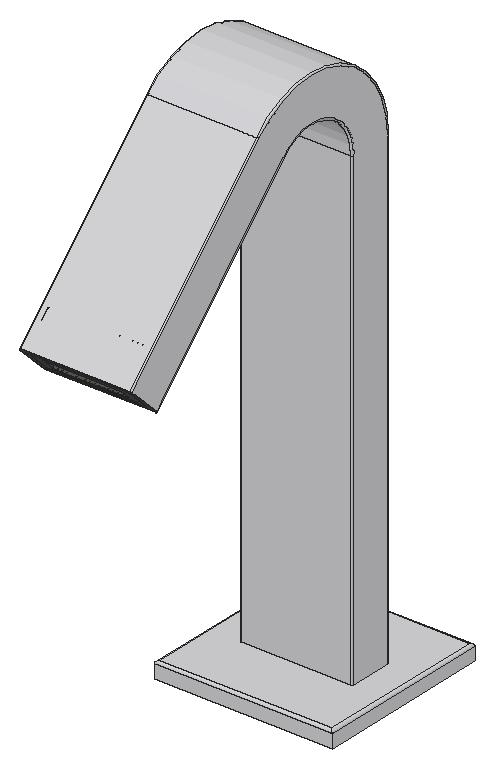
Revit family "Faucet_Touchless-Lavatory-KOHLER-Loure-K-103L76_1", category Plumbing Fixtures, host Face, Revit 2017
Family settings
  Host = Face
  Round Connector Dimension = Use Diameter
  Part Type = Normal
  OmniClass Number = 23.31.11.00
  Cut with Voids When Loaded = No
  Shared = No
  Room Calculation Point = No
Parameters (values of type "CP-Polished Chrome")
  Width = 2 7/16"  # constant formula
  WaterSense Certified = 1 = 0  # no
  Waste Water Outlet = "Waste Water Outlet"  # constant formula
  Waste Connection = 1 = 0  # no
  Voltage = 120 V  # constant formula
  Vent Connection = 1 = 0  # no
  URL = "https://www.us.kohler.com/us/"
  Tempered Water Inlet = "Tempered Water Inlet"  # constant formula
  Spout Reach = 3 7/8"  # constant formula
  Product Page URL = "http://www.us.kohler.com/us/catalog/productDetails.jsp?productNumber=103L76-SANL"
  Product Name = "Loure"  # constant formula
  Product Documentation Link = "https://www.us.kohler.com/webassets/kpna/catalog/pdf/en/K-103L76-SANL_spec.pdf"
  Pressure = 60.00 psi  # constant formula
  Model = "K-103L76-SANL-CP"  # constant formula
  Material = "Brass Construction"  # constant formula
  MasterFormat 2004 = "22.41.39"  # constant formula
  MasterFormat 1995 = "15410"  # constant formula
  Manufacturer Address = "444 Highland Dr, Kohler, WI 53044"  # constant formula
  Manufacturer = "KOHLER Co."  # constant formula
  Length = Spout Reach  # 3 7/8"
  Hot Water Inlet = "Hot Water Inlet"  # constant formula
  Height = 8 1/16"  # constant formula
  HW Connection = 1 = 1  # yes
  Flow Rate = 0.5 GPM  # constant formula
  Finish = Kohler-Metal-CP-Polished_Chrome
  Environmental Product Declaration = ""
  Electrical Note = "One dedicated circuit required, protected with Class A Ground-Fault Circuit-Interrupter (GFCI) or Outside North America, this device may be known as a Residual Current Device (RCD)"  # constant formula
  Electrical Connector = 1 = 1  # yes
  Drain Included = 1 = 1  # yes
  Description = "Touchless faucet with Kinesis sensor technology, AC-powered"  # constant formula
  Default Elevation = 36"
  Declare Label = ""
  Date Modified = "01/03/2020"  # constant formula
  Date Created = "01/03/2020"  # constant formula
  Copyright = "Copyright KOHLER Co."  # constant formula
  Contact Us = "https://www.us.kohler.com/us/static/contact.jsp"
  Cold Water Inlet = "Cold Water Inlet"  # constant formula
  CW Connection = 1 = 0  # no
  Assembly Code = "D2010"
  Apparent Load = 15 A * Voltage  # 1800 VA
  ADA Compliant = 1 = 1  # yes
Reference planes (in)
  plane 1 "Center (Front/Back)": y = 0
  plane 2: z = 0
  plane 3 "Center (Left/Right)": x = 0
  plane 4: y = -3.875
  plane 5: z = 5.25
  plane 6: y = -1.21875
  plane 7: y = 1.21875
  plane 8: z = 8.0625
  plane 9: x = -1.21875
  plane 10: x = 1.21875
  plane 11: y = -4.12411
  plane 12: z = 0.21654
  plane 13: x = -0.78455
  plane 14: x = 0.78455
  plane 15: y = 0.97008
Dimensions and locks (in)
  "Width": plane 9 to plane 10
  "Length": plane 4 to plane 1 "Center (Front/Back)"
  "Height": plane 8 to plane 2
  locked: plane 5 to plane 2 at 5.25
  "Spout Reach": plane 1 "Center (Front/Back)" to plane 4
  locked: plane 7 to plane 6 at 2.4375
  aligned and locked: plane 2 to host face
  aligned and locked: level to host face
Automatic sketch dimensions
  host sketch curve to host sketch curve = 96"  (x2)
Nested families (in)
  nested 1: "K-103L76" at (0, 0, 0), type "K-103L76"
Connectors (in)
  electrical at (0, 0.97008, 0.00488), driven by "Voltage", driven by "Apparent Load", driven by "Electrical Connector", driven by "Electrical Note"
    settings: on nested 1, index 4, voltage 120 V, apparent load 1800 VA, apparent load phase1 0 VA, apparent load phase2 0 VA, apparent load phase3 0 VA, power factor 1, load classification "Power", number of poles 1, system type 30, power factor state 1, is connector primary yes, connector utility yes, sub classification motor no, connector description "One dedicated circuit required, protected with Class A Ground-Fault Circuit-Interrupter (GFCI) or Outside North America, this device may be known as a Residual Current Device (RCD)"
  piping at (0, 0, 0.01614), diameter 0.375, driven by "Flow Rate", driven by "Pressure", driven by "HW Connection", driven by "Tempered Water Inlet"
    settings: on nested 1, index 5, connector inside diameter 24", connector length 0", flow factor 0, pipe flow 0.5 GPM, pressure drop 60.00 psi, fitting loss kfactor 0, connector angle 0.00°, fixture units 0, engagement length 0", angle of deflection 0.00°, flow configuration 1, flow direction 1, fitting loss method 4, system type 19, joint type 0, gender type 0, connector reference index -1, connector utility 1, adjustable connector no, is connector primary yes, connector description "Tempered Water Inlet"
Definition of nested family "K-103L76"
  Parameters (values of type "K-103L76")
    Material = none
  Reference planes (in)
    plane 1 "Center (Front/Back)": y = 0
    plane 2: z = 0
    plane 3 "Center (Left/Right)": x = 0
    plane 4: x = -1.21875
    plane 5: x = 1.21875
    plane 6: y = 1.21875
    plane 7: y = -1.21875
    plane 8: z = 8.0625
    plane 9: y = -3.875
    plane 10: z = 5.25
    plane 11: z = 0.21654
    plane 12: y = 0.97008
    plane 13: x = -0.78455
    plane 14: x = 0.78455
  Forms (in)
    Sweep 1, solid, material <- "Material", detail levels medium+fine
      path origin (0, 0, 0) x (0, 1, 0) y (0, 0, 1)
        loop
          line (-0.31496, 0.21654) -> (-0.31496, 6.71535)
          arc (-0.31496, 6.71535) -> (-0.73669, 7.34651) -> (-1.4812, 7.19842) r 0.68317
          line (-1.4812, 7.19842) -> (-3.65231, 5.02731)
      profile origin (0, -0.31496, 3.46594) x (0, -1, 0) y (1, 0, 0)
        loop
          arc (-0.62992, -0.74622) -> (-0.62363, -0.76142) -> (-0.60843, -0.76772) r 0.02149
          line (-0.60843, -0.76772) -> (-0.02015, -0.76772)
          arc (-0.02015, -0.76772) -> (-0.0059, -0.76181) -> (0, -0.74757) r 0.02015
          line (0, -0.74757) -> (0, 0.74612)
          arc (0, 0.74612) -> (-0.00633, 0.76139) -> (-0.0216, 0.76772) r 0.0216
          line (-0.0216, 0.76772) -> (-0.60921, 0.76772)
          arc (-0.60921, 0.76772) -> (-0.62386, 0.76165) -> (-0.62992, 0.74701) r 0.02071
          line (-0.62992, 0.74701) -> (-0.62992, -0.74622)
    Sweep 2, solid, material <- "Material", detail levels medium+fine
      path origin (0, 0, 0) x (1, 0, 0) y (0, 1, 0)
        loop
          line (1.21875, 1.21875) -> (-1.21875, 1.21875) -> (-1.21875, -1.21875) -> (1.21875, -1.21875) -> (1.21875, 1.21875)
      profile origin (0, 1.21875, 0) x (0, -1, 0) y (0, 0, 1)
        loop
          line (0, 0) -> (0.0689, 0) -> (0.0689, 0.21654) -> (0.03761, 0.21654)
          arc (0.03761, 0.21654) -> (0.01102, 0.20552) -> (0, 0.17892) r 0.03761
          line (0, 0.17892) -> (0, 0)
    Extrusion 3, solid, material <- "Material", detail levels medium+fine
      sketch origin (0, 0, 0) x (1, 0, 0) y (0, 1, 0)
        loop
          line (1.14985, 1.14985) -> (-1.14985, 1.14985) -> (-1.14985, -1.14985) -> (1.14985, -1.14985) -> (1.14985, 1.14985)
      from 0 to 0.21654
    Extrusion 4, solid, material <- "Material", detail levels coarse
      sketch origin (0, 0, 0) x (1, 0, 0) y (0, 1, 0)
        loop
          line (-1.21926, 1.21926) -> (-1.21926, -1.21875) -> (1.21875, -1.21875) -> (1.21875, 1.21926) -> (-1.21926, 1.21926)
      from 0 to 0.21654
    Sweep 5, solid, material <- "Material", detail levels coarse
      path origin (0, 0, 0) x (0, 1, 0) y (0, 0, 1)
        loop
          line (-0.31496, 0.21654) -> (-0.31496, 6.71739)
          arc (-0.31496, 6.71739) -> (-0.73617, 7.34777) -> (-1.47976, 7.19986) r 0.68232
          line (-1.47976, 7.19986) -> (-3.65231, 5.02731)
      profile origin (0, -0.31496, 3.46696) x (0, -1, 0) y (1, 0, 0)
        loop
          line (-0.62992, -0.76772) -> (0, -0.76772) -> (0, 0.76772) -> (-0.62992, 0.76772) -> (-0.62992, -0.76772)
    Extrusion 6, void
      sketch origin (0, -3.65231, 5.02731) x (1, 0, 0) y (0, -0.707107, 0.707107)
        loop
          line (-0.7093, 0.56109) -> (-0.7093, 0.10774)
          arc (-0.7093, 0.10774) -> (-0.69786, 0.08012) -> (-0.67024, 0.06868) r 0.03906
          line (-0.67024, 0.06868) -> (0.66896, 0.06868)
          arc (0.66896, 0.06868) -> (0.69658, 0.08012) -> (0.70802, 0.10774) r 0.03906
          line (0.70802, 0.10774) -> (0.70802, 0.56238)
          arc (0.70802, 0.56238) -> (0.69695, 0.58911) -> (0.67022, 0.60018) r 0.0378
          line (0.67022, 0.60018) -> (-0.67022, 0.60018)
          arc (-0.67022, 0.60018) -> (-0.69786, 0.58873) -> (-0.7093, 0.56109) r 0.03909
        loop
          line (-0.65527, 0.08821) -> (0.65333, 0.08821)
          arc (0.65333, 0.08821) -> (0.67819, 0.09851) -> (0.68849, 0.12337) r 0.03516
          line (0.68849, 0.12337) -> (0.68849, 0.54549)
          arc (0.68849, 0.54549) -> (0.67819, 0.57035) -> (0.65333, 0.58065) r 0.03516
          line (0.65333, 0.58065) -> (-0.65462, 0.58065)
          arc (-0.65462, 0.58065) -> (-0.67948, 0.57035) -> (-0.68977, 0.54549) r 0.03516
          line (-0.68977, 0.54549) -> (-0.68977, 0.12271)
          arc (-0.68977, 0.12271) -> (-0.67967, 0.09832) -> (-0.65527, 0.08821) r 0.0345
      from -0.53024 to 0.29395
    Extrusion 7, void
      sketch origin (0, -3.65231, 5.02731) x (1, 0, 0) y (0, -0.707107, 0.707107)
        loop
          line (0.49855, 0.48599) -> (-0.49776, 0.48599)
          arc (-0.49776, 0.48599) -> (-0.52815, 0.47341) -> (-0.54073, 0.44302) r 0.04297
          line (-0.54073, 0.44302) -> (-0.54073, 0.23738)
          arc (-0.54073, 0.23738) -> (-0.52868, 0.20828) -> (-0.49958, 0.19623) r 0.04115
          line (-0.49958, 0.19623) -> (0.49727, 0.19623)
          arc (0.49727, 0.19623) -> (0.52766, 0.20882) -> (0.54024, 0.2392) r 0.04297
          line (0.54024, 0.2392) -> (0.54024, 0.4443)
          arc (0.54024, 0.4443) -> (0.52803, 0.47378) -> (0.49855, 0.48599) r 0.04169
      from -0.28179 to 0.31642
    Extrusion 8, solid, detail levels medium+fine
      sketch origin (0, -3.65231, 5.02731) x (1, 0, 0) y (0, -0.707107, 0.707107)
        loop
          circle (-0.55933, 0.17655) r 0.0149
        loop
          circle (-0.49501, 0.17655) r 0.01563
        loop
          circle (-0.43305, 0.17639) r 0.0149
        loop
          circle (-0.36873, 0.17639) r 0.01563
        loop
          circle (-0.30628, 0.17554) r 0.0149
        loop
          circle (-0.24195, 0.17652) r 0.01563
        loop
          circle (-0.17999, 0.17636) r 0.0149
        loop
          circle (-0.11567, 0.17661) r 0.01563
        loop
          circle (-0.05255, 0.17651) r 0.0149
        loop
          circle (0.01177, 0.17651) r 0.01563
        loop
          circle (0.07373, 0.17636) r 0.0149
        loop
          circle (0.13805, 0.1766) r 0.01563
        loop
          circle (0.20051, 0.17648) r 0.0149
        loop
          circle (0.26092, 0.17648) r 0.01563
        loop
          circle (0.32288, 0.17657) r 0.0149
        loop
          circle (0.3872, 0.17657) r 0.01563
        loop
          circle (0.44989, 0.1766) r 0.01563
        loop
          circle (0.51185, 0.17633) r 0.0149
        loop
          circle (0.57617, 0.17657) r 0.01563
        loop
          circle (-0.58623, 0.11887) r 0.0149
        loop
          circle (-0.5219, 0.11887) r 0.01563
        loop
          circle (-0.45995, 0.11872) r 0.0149
        loop
          circle (-0.39562, 0.11872) r 0.01563
        loop
          circle (-0.33317, 0.11787) r 0.0149
        loop
          circle (-0.26885, 0.11884) r 0.01563
        loop
          circle (-0.20689, 0.11869) r 0.0149
        loop
          circle (-0.14256, 0.11893) r 0.01563
        loop
          circle (-0.07944, 0.11884) r 0.0149
        loop
          circle (-0.01512, 0.11884) r 0.01563
        loop
          circle (0.04684, 0.11869) r 0.0149
        loop
          circle (0.11116, 0.11893) r 0.01563
        loop
          circle (0.17361, 0.11881) r 0.0149
        loop
          circle (0.23403, 0.11881) r 0.01563
        loop
          circle (0.29599, 0.1189) r 0.0149
        loop
          circle (0.36031, 0.1189) r 0.01563
        loop
          circle (0.423, 0.11893) r 0.01563
        loop
          circle (0.48496, 0.11866) r 0.0149
        loop
          circle (0.54928, 0.1189) r 0.01563
        loop
          circle (0.61747, 0.1189) r 0.01563
      from -0.01454 to 0.00797
    Extrusion 9, solid, material <- "Material", detail levels medium+fine
      sketch origin (0, 0, 0) x (1, 0, 0) y (0, 1, 0)
        loop
          circle (0, 0.97008) r 0.05504
        loop
          circle (0, 0) r 0.11313
      from 0.00488 to 0.01614
  Cuts and joins
    Extrusion 6, Extrusion 7 cuts Sweep 1
    joined: Sweep 1, Sweep 2, Extrusion 3
    joined: Extrusion 4, Sweep 5
  Lines and regions (in)
    Masking region 1
      outline origin (0, 0, 0) x (1, 0, 0) y (0, 1, 0)
        loop
          line (1.21875, 1.21875) -> (-1.21875, 1.21875) -> (-1.21875, -1.21875) -> (-0.76772, -1.21875) -> (-0.76772, -4.1041)
          arc (-0.76772, -4.1041) -> (-0.76185, -4.11825) -> (-0.7477, -4.12411) r 0.02001
          line (-0.7477, -4.12411) -> (0.7477, -4.12411)
          arc (0.7477, -4.12411) -> (0.76185, -4.11825) -> (0.76772, -4.1041) r 0.02001
          line (0.76772, -4.1041) -> (0.76772, -1.21875) -> (1.21875, -1.21875) -> (1.21875, 1.21875)
    Masking region 2
      outline origin (0, 0, 0) x (1, 0, 0) y (0, 0, 1)
        loop
          line (-1.21875, 0) -> (1.21875, 0) -> (1.21875, 0.18049)
          arc (1.21875, 0.18049) -> (1.20819, 0.20598) -> (1.1827, 0.21654) r 0.03605
          line (1.1827, 0.21654) -> (0.76772, 0.21654) -> (0.76772, 8.04019)
          arc (0.76772, 8.04019) -> (0.76118, 8.05597) -> (0.74541, 8.0625) r 0.02231
          line (0.74541, 8.0625) -> (-0.74279, 8.0625)
          arc (-0.74279, 8.0625) -> (-0.76042, 8.0552) -> (-0.76772, 8.03758) r 0.02492
          line (-0.76772, 8.03758) -> (-0.76772, 0.21654) -> (-1.1827, 0.21654)
          arc (-1.1827, 0.21654) -> (-1.20819, 0.20598) -> (-1.21875, 0.18049) r 0.03605
          line (-1.21875, 0.18049) -> (-1.21875, 0)
    Masking region 3
      outline origin (0, 0, 0) x (0, 1, 0) y (0, 0, 1)
        loop
          line (-1.21875, 0) -> (1.21875, 0) -> (1.21875, 0.18002)
          arc (1.21875, 0.18002) -> (1.20805, 0.20584) -> (1.18223, 0.21654) r 0.03652
          line (1.18223, 0.21654) -> (0.31496, 0.21654) -> (0.31496, 6.7755)
          arc (0.31496, 6.7755) -> (-0.48013, 7.96543) -> (-1.88375, 7.68624) r 1.28797
          line (-1.88375, 7.68624) -> (-4.09749, 5.47249) -> (-3.65231, 5.02731) -> (-1.48131, 7.1983)
          arc (-1.48131, 7.1983) -> (-0.73673, 7.34641) -> (-0.31496, 6.71518) r 0.68323
          line (-0.31496, 6.71518) -> (-0.31496, 0.21654) -> (-1.18223, 0.21654)
          arc (-1.18223, 0.21654) -> (-1.20805, 0.20584) -> (-1.21875, 0.18002) r 0.03652
          line (-1.21875, 0.18002) -> (-1.21875, 0)
    symbolic lines, detail levels medium+fine
      curve 1: line (0.74622, 0.31496, 0) -> (-0.74622, 0.31496, 0)
      curve 2: arc (-0.76772, 0.29347, 0) -> (-0.76142, 0.30867, 0) -> (-0.74622, 0.31496, 0) r 0.02149
      curve 3: line (-0.76772, 0.29347, 0) -> (-0.76772, -1.21875, 0)
      curve 4: arc (0.76772, 0.29347, 0) -> (0.76142, 0.30867, 0) -> (0.74622, 0.31496, 0) r 0.02149
      curve 5: line (0.76772, 0.29347, 0) -> (0.76772, -1.21875, 0)
      curve 6: line (0.76772, 0, 0.21654) -> (-0.76772, 0, 0.21654)
      curve 7: line (0, 0.31496, 0.21654) -> (0, -0.31496, 0.21654)
      curve 8: line (0.74701, 0, 5.47273) -> (-0.74622, 0, 5.47273)
      curve 9: line (-0.74757, 0, 5.02731) -> (0.74612, 0, 5.02731)
      curve 10: line (-0.7093, 0, 5.1035) -> (-0.7093, 0, 5.42406)
      curve 11: spline (-0.7093, 0, 5.42406) -> (-0.70897, 0, 5.42767) -> (-0.70797, 0, 5.43121) -> (-0.70633, 0, 5.43464) -> (-0.70407, 0, 5.43788) -> (-0.70123, 0, 5.44089) -> (-0.69786, 0, 5.4436) -> (-0.69401, 0, 5.44599) -> (-0.68976, 0, 5.448) -> (-0.68517, 0, 5.4496) -> (-0.68033, 0, 5.45076) -> (-0.67532, 0, 5.45146) -> (-0.67022, 0, 5.4517)
      curve 12: line (-0.67022, 0, 5.4517) -> (0.67022, 0, 5.4517)
      curve 13: spline (0.67022, 0, 5.4517) -> (0.67515, 0, 5.45147) -> (0.68, 0, 5.45079) -> (0.68468, 0, 5.44966) -> (0.68912, 0, 5.44812) -> (0.69323, 0, 5.44618) -> (0.69695, 0, 5.44387) -> (0.70021, 0, 5.44124) -> (0.70295, 0, 5.43833) -> (0.70514, 0, 5.4352) -> (0.70673, 0, 5.43189) -> (0.7077, 0, 5.42846) -> (0.70802, 0, 5.42497)
      curve 14: line (0.70802, 0, 5.42497) -> (0.70802, 0, 5.1035)
      curve 15: spline (0.70802, 0, 5.1035) -> (0.70768, 0, 5.09989) -> (0.70669, 0, 5.09635) -> (0.70505, 0, 5.09293) -> (0.70279, 0, 5.08969) -> (0.69995, 0, 5.08668) -> (0.69658, 0, 5.08396) -> (0.69274, 0, 5.08158) -> (0.68849, 0, 5.07958) -> (0.6839, 0, 5.07798) -> (0.67907, 0, 5.07682) -> (0.67405, 0, 5.07611) -> (0.66896, 0, 5.07587)
      curve 16: line (0.66896, 0, 5.07587) -> (-0.67024, 0, 5.07587)
      curve 17: spline (-0.67024, 0, 5.07587) -> (-0.67534, 0, 5.07611) -> (-0.68035, 0, 5.07682) -> (-0.68519, 0, 5.07798) -> (-0.68977, 0, 5.07958) -> (-0.69402, 0, 5.08158) -> (-0.69786, 0, 5.08396) -> (-0.70123, 0, 5.08668) -> (-0.70407, 0, 5.08969) -> (-0.70633, 0, 5.09293) -> (-0.70797, 0, 5.09635) -> (-0.70897, 0, 5.09989) -> (-0.7093, 0, 5.1035)
      curve 18: line (-0.68977, 0, 5.41303) -> (-0.68977, 0, 5.11408)
      curve 19: spline (-0.68977, 0, 5.11408) -> (-0.68948, 0, 5.1109) -> (-0.6886, 0, 5.10777) -> (-0.68715, 0, 5.10475) -> (-0.68515, 0, 5.10188) -> (-0.68264, 0, 5.09923) -> (-0.67967, 0, 5.09683) -> (-0.67628, 0, 5.09473) -> (-0.67252, 0, 5.09295) -> (-0.66848, 0, 5.09154) -> (-0.6642, 0, 5.09052) -> (-0.65978, 0, 5.08989) -> (-0.65527, 0, 5.08969)
      curve 20: line (-0.65527, 0, 5.08969) -> (0.65333, 0, 5.08969)
      curve 21: spline (0.65333, 0, 5.08969) -> (0.65792, 0, 5.0899) -> (0.66243, 0, 5.09053) -> (0.66678, 0, 5.09158) -> (0.67091, 0, 5.09302) -> (0.67473, 0, 5.09482) -> (0.67819, 0, 5.09697) -> (0.68122, 0, 5.09941) -> (0.68378, 0, 5.10211) -> (0.68581, 0, 5.10503) -> (0.68729, 0, 5.10811) -> (0.68819, 0, 5.1113) -> (0.68849, 0, 5.11454)
      curve 22: line (0.68849, 0, 5.11454) -> (0.68849, 0, 5.41303)
      curve 23: spline (0.68849, 0, 5.41303) -> (0.68819, 0, 5.41627) -> (0.68729, 0, 5.41946) -> (0.68581, 0, 5.42254) -> (0.68378, 0, 5.42546) -> (0.68122, 0, 5.42816) -> (0.67819, 0, 5.43061) -> (0.67473, 0, 5.43275) -> (0.67091, 0, 5.43456) -> (0.66678, 0, 5.436) -> (0.66243, 0, 5.43704) -> (0.65792, 0, 5.43768) -> (0.65333, 0, 5.43789)
      curve 24: line (0.65333, 0, 5.43789) -> (-0.65462, 0, 5.43789)
      curve 25: spline (-0.65462, 0, 5.43789) -> (-0.65921, 0, 5.43768) -> (-0.66372, 0, 5.43704) -> (-0.66807, 0, 5.436) -> (-0.67219, 0, 5.43456) -> (-0.67602, 0, 5.43275) -> (-0.67948, 0, 5.43061) -> (-0.68251, 0, 5.42816) -> (-0.68506, 0, 5.42546) -> (-0.6871, 0, 5.42254) -> (-0.68858, 0, 5.41946) -> (-0.68947, 0, 5.41627) -> (-0.68977, 0, 5.41303)
      curve 26: line (-0.62667, 0, 5.23423) -> (-0.62667, 0, 5.37964)
      curve 27: spline (-0.62667, 0, 5.37964) -> (-0.6263, 0, 5.3836) -> (-0.62521, 0, 5.3875) -> (-0.6234, 0, 5.39126) -> (-0.62091, 0, 5.39483) -> (-0.61779, 0, 5.39813) -> (-0.61408, 0, 5.40112) -> (-0.60986, 0, 5.40374) -> (-0.60519, 0, 5.40595) -> (-0.60014, 0, 5.40771) -> (-0.59482, 0, 5.40899) -> (-0.58931, 0, 5.40976) -> (-0.5837, 0, 5.41002)
      curve 28: line (-0.5837, 0, 5.41002) -> (0.5837, 0, 5.41002)
      curve 29: line (0.58552, 0, 5.20513) -> (-0.58552, 0, 5.20513)
      curve 30: spline (-0.58552, 0, 5.20513) -> (-0.59089, 0, 5.20538) -> (-0.59617, 0, 5.20612) -> (-0.60127, 0, 5.20734) -> (-0.60609, 0, 5.20903) -> (-0.61057, 0, 5.21114) -> (-0.61462, 0, 5.21365) -> (-0.61817, 0, 5.21651) -> (-0.62116, 0, 5.21968) -> (-0.62354, 0, 5.22309) -> (-0.62527, 0, 5.2267) -> (-0.62632, 0, 5.23043) -> (-0.62667, 0, 5.23423)
      curve 31: spline (-0.57423, 0, 5.18557) -> (-0.57372, 0, 5.18284) -> (-0.57223, 0, 5.1803) -> (-0.56987, 0, 5.17812) -> (-0.56678, 0, 5.17645) -> (-0.56319, 0, 5.1754) -> (-0.55933, 0, 5.17504) -> (-0.55548, 0, 5.1754) -> (-0.55189, 0, 5.17645) -> (-0.5488, 0, 5.17812) -> (-0.54643, 0, 5.1803) -> (-0.54495, 0, 5.18284) -> (-0.54444, 0, 5.18557)
      curve 32: spline (-0.54444, 0, 5.18557) -> (-0.54495, 0, 5.1883) -> (-0.54643, 0, 5.19084) -> (-0.5488, 0, 5.19302) -> (-0.55189, 0, 5.19469) -> (-0.55548, 0, 5.19575) -> (-0.55933, 0, 5.1961) -> (-0.56319, 0, 5.19575) -> (-0.56678, 0, 5.19469) -> (-0.56987, 0, 5.19302) -> (-0.57223, 0, 5.19084) -> (-0.57372, 0, 5.1883) -> (-0.57423, 0, 5.18557)
      curve 33: spline (-0.51064, 0, 5.18557) -> (-0.5101, 0, 5.18271) -> (-0.50854, 0, 5.18005) -> (-0.50606, 0, 5.17776) -> (-0.50282, 0, 5.176) -> (-0.49905, 0, 5.1749) -> (-0.49501, 0, 5.17452) -> (-0.49097, 0, 5.1749) -> (-0.4872, 0, 5.176) -> (-0.48396, 0, 5.17776) -> (-0.48148, 0, 5.18005) -> (-0.47992, 0, 5.18271) -> (-0.47939, 0, 5.18557)
      curve 34: spline (-0.47939, 0, 5.18557) -> (-0.47992, 0, 5.18843) -> (-0.48148, 0, 5.1911) -> (-0.48396, 0, 5.19338) -> (-0.4872, 0, 5.19514) -> (-0.49097, 0, 5.19624) -> (-0.49501, 0, 5.19662) -> (-0.49905, 0, 5.19624) -> (-0.50282, 0, 5.19514) -> (-0.50606, 0, 5.19338) -> (-0.50854, 0, 5.1911) -> (-0.5101, 0, 5.18843) -> (-0.51064, 0, 5.18557)
      curve 35: spline (-0.44795, 0, 5.18546) -> (-0.44744, 0, 5.18274) -> (-0.44595, 0, 5.1802) -> (-0.44359, 0, 5.17801) -> (-0.4405, 0, 5.17634) -> (-0.43691, 0, 5.17529) -> (-0.43305, 0, 5.17493) -> (-0.4292, 0, 5.17529) -> (-0.4256, 0, 5.17634) -> (-0.42252, 0, 5.17801) -> (-0.42015, 0, 5.1802) -> (-0.41866, 0, 5.18274) -> (-0.41816, 0, 5.18546)
      curve 36: spline (-0.41816, 0, 5.18546) -> (-0.41866, 0, 5.18819) -> (-0.42015, 0, 5.19073) -> (-0.42252, 0, 5.19291) -> (-0.4256, 0, 5.19458) -> (-0.4292, 0, 5.19564) -> (-0.43305, 0, 5.196) -> (-0.43691, 0, 5.19564) -> (-0.4405, 0, 5.19458) -> (-0.44359, 0, 5.19291) -> (-0.44595, 0, 5.19073) -> (-0.44744, 0, 5.18819) -> (-0.44795, 0, 5.18546)
      curve 37: spline (-0.38435, 0, 5.18546) -> (-0.38382, 0, 5.1826) -> (-0.38226, 0, 5.17994) -> (-0.37978, 0, 5.17765) -> (-0.37654, 0, 5.17589) -> (-0.37277, 0, 5.17479) -> (-0.36873, 0, 5.17441) -> (-0.36469, 0, 5.17479) -> (-0.36092, 0, 5.17589) -> (-0.35768, 0, 5.17765) -> (-0.3552, 0, 5.17994) -> (-0.35364, 0, 5.1826) -> (-0.3531, 0, 5.18546)
      curve 38: spline (-0.3531, 0, 5.18546) -> (-0.35364, 0, 5.18832) -> (-0.3552, 0, 5.19099) -> (-0.35768, 0, 5.19327) -> (-0.36092, 0, 5.19503) -> (-0.36469, 0, 5.19613) -> (-0.36873, 0, 5.19651) -> (-0.37277, 0, 5.19613) -> (-0.37654, 0, 5.19503) -> (-0.37978, 0, 5.19327) -> (-0.38226, 0, 5.19099) -> (-0.38382, 0, 5.18832) -> (-0.38435, 0, 5.18546)
      curve 39: spline (-0.32117, 0, 5.18486) -> (-0.32066, 0, 5.18213) -> (-0.31918, 0, 5.17959) -> (-0.31681, 0, 5.17741) -> (-0.31372, 0, 5.17574) -> (-0.31013, 0, 5.17468) -> (-0.30628, 0, 5.17433) -> (-0.30242, 0, 5.17468) -> (-0.29883, 0, 5.17574) -> (-0.29574, 0, 5.17741) -> (-0.29337, 0, 5.17959) -> (-0.29189, 0, 5.18213) -> (-0.29138, 0, 5.18486)
      curve 40: spline (-0.29138, 0, 5.18486) -> (-0.29189, 0, 5.18758) -> (-0.29337, 0, 5.19013) -> (-0.29574, 0, 5.19231) -> (-0.29883, 0, 5.19398) -> (-0.30242, 0, 5.19503) -> (-0.30628, 0, 5.19539) -> (-0.31013, 0, 5.19503) -> (-0.31372, 0, 5.19398) -> (-0.31681, 0, 5.19231) -> (-0.31918, 0, 5.19013) -> (-0.32066, 0, 5.18758) -> (-0.32117, 0, 5.18486)
      curve 41: spline (-0.25758, 0, 5.18555) -> (-0.25704, 0, 5.18269) -> (-0.25548, 0, 5.18002) -> (-0.253, 0, 5.17774) -> (-0.24976, 0, 5.17598) -> (-0.246, 0, 5.17488) -> (-0.24195, 0, 5.1745) -> (-0.23791, 0, 5.17488) -> (-0.23414, 0, 5.17598) -> (-0.2309, 0, 5.17774) -> (-0.22842, 0, 5.18002) -> (-0.22686, 0, 5.18269) -> (-0.22633, 0, 5.18555)
      curve 42: spline (-0.22633, 0, 5.18555) -> (-0.22686, 0, 5.18841) -> (-0.22842, 0, 5.19107) -> (-0.2309, 0, 5.19336) -> (-0.23414, 0, 5.19512) -> (-0.23791, 0, 5.19622) -> (-0.24195, 0, 5.1966) -> (-0.246, 0, 5.19622) -> (-0.24976, 0, 5.19512) -> (-0.253, 0, 5.19336) -> (-0.25548, 0, 5.19107) -> (-0.25704, 0, 5.18841) -> (-0.25758, 0, 5.18555)
      curve 43: spline (-0.19489, 0, 5.18544) -> (-0.19438, 0, 5.18271) -> (-0.1929, 0, 5.18017) -> (-0.19053, 0, 5.17799) -> (-0.18744, 0, 5.17632) -> (-0.18385, 0, 5.17527) -> (-0.17999, 0, 5.17491) -> (-0.17614, 0, 5.17527) -> (-0.17255, 0, 5.17632) -> (-0.16946, 0, 5.17799) -> (-0.16709, 0, 5.18017) -> (-0.16561, 0, 5.18271) -> (-0.1651, 0, 5.18544)
      curve 44: spline (-0.1651, 0, 5.18544) -> (-0.16561, 0, 5.18817) -> (-0.16709, 0, 5.19071) -> (-0.16946, 0, 5.19289) -> (-0.17255, 0, 5.19456) -> (-0.17614, 0, 5.19561) -> (-0.17999, 0, 5.19597) -> (-0.18385, 0, 5.19561) -> (-0.18744, 0, 5.19456) -> (-0.19053, 0, 5.19289) -> (-0.1929, 0, 5.19071) -> (-0.19438, 0, 5.18817) -> (-0.19489, 0, 5.18544)
      curve 45: spline (-0.1313, 0, 5.18561) -> (-0.13076, 0, 5.18275) -> (-0.1292, 0, 5.18009) -> (-0.12672, 0, 5.1778) -> (-0.12348, 0, 5.17604) -> (-0.11972, 0, 5.17494) -> (-0.11567, 0, 5.17456) -> (-0.11163, 0, 5.17494) -> (-0.10786, 0, 5.17604) -> (-0.10462, 0, 5.1778) -> (-0.10214, 0, 5.18009) -> (-0.10058, 0, 5.18275) -> (-0.10005, 0, 5.18561)
      curve 46: spline (-0.10005, 0, 5.18561) -> (-0.10058, 0, 5.18847) -> (-0.10214, 0, 5.19114) -> (-0.10462, 0, 5.19343) -> (-0.10786, 0, 5.19518) -> (-0.11163, 0, 5.19629) -> (-0.11567, 0, 5.19666) -> (-0.11972, 0, 5.19629) -> (-0.12348, 0, 5.19518) -> (-0.12672, 0, 5.19343) -> (-0.1292, 0, 5.19114) -> (-0.13076, 0, 5.18847) -> (-0.1313, 0, 5.18561)
      curve 47: spline (-0.06745, 0, 5.18555) -> (-0.06694, 0, 5.18282) -> (-0.06545, 0, 5.18028) -> (-0.06309, 0, 5.1781) -> (-0.06, 0, 5.17642) -> (-0.05641, 0, 5.17537) -> (-0.05255, 0, 5.17501) -> (-0.0487, 0, 5.17537) -> (-0.0451, 0, 5.17642) -> (-0.04202, 0, 5.1781) -> (-0.03965, 0, 5.18028) -> (-0.03816, 0, 5.18282) -> (-0.03766, 0, 5.18555)
      curve 48: spline (-0.03766, 0, 5.18555) -> (-0.03816, 0, 5.18827) -> (-0.03965, 0, 5.19081) -> (-0.04202, 0, 5.193) -> (-0.0451, 0, 5.19467) -> (-0.0487, 0, 5.19572) -> (-0.05255, 0, 5.19608) -> (-0.05641, 0, 5.19572) -> (-0.06, 0, 5.19467) -> (-0.06309, 0, 5.193) -> (-0.06545, 0, 5.19081) -> (-0.06694, 0, 5.18827) -> (-0.06745, 0, 5.18555)
      curve 49: spline (-0.00385, 0, 5.18555) -> (-0.00332, 0, 5.18269) -> (-0.00176, 0, 5.18002) -> (0.00072, 0, 5.17773) -> (0.00396, 0, 5.17598) -> (0.00773, 0, 5.17487) -> (0.01177, 0, 5.1745) -> (0.01582, 0, 5.17487) -> (0.01958, 0, 5.17598) -> (0.02282, 0, 5.17773) -> (0.0253, 0, 5.18002) -> (0.02686, 0, 5.18269) -> (0.0274, 0, 5.18555)
      curve 50: spline (0.0274, 0, 5.18555) -> (0.02686, 0, 5.18841) -> (0.0253, 0, 5.19107) -> (0.02282, 0, 5.19336) -> (0.01958, 0, 5.19512) -> (0.01582, 0, 5.19622) -> (0.01177, 0, 5.1966) -> (0.00773, 0, 5.19622) -> (0.00396, 0, 5.19512) -> (0.00072, 0, 5.19336) -> (-0.00176, 0, 5.19107) -> (-0.00332, 0, 5.18841) -> (-0.00385, 0, 5.18555)
      curve 51: spline (0.05883, 0, 5.18544) -> (0.05934, 0, 5.18271) -> (0.06083, 0, 5.18017) -> (0.0632, 0, 5.17799) -> (0.06628, 0, 5.17632) -> (0.06987, 0, 5.17526) -> (0.07373, 0, 5.1749) -> (0.07758, 0, 5.17526) -> (0.08118, 0, 5.17632) -> (0.08426, 0, 5.17799) -> (0.08663, 0, 5.18017) -> (0.08812, 0, 5.18271) -> (0.08863, 0, 5.18544)
      curve 52: spline (0.08863, 0, 5.18544) -> (0.08812, 0, 5.18816) -> (0.08663, 0, 5.1907) -> (0.08426, 0, 5.19289) -> (0.08118, 0, 5.19456) -> (0.07758, 0, 5.19561) -> (0.07373, 0, 5.19597) -> (0.06987, 0, 5.19561) -> (0.06628, 0, 5.19456) -> (0.0632, 0, 5.19289) -> (0.06083, 0, 5.1907) -> (0.05934, 0, 5.18816) -> (0.05883, 0, 5.18544)
      curve 53: spline (0.12243, 0, 5.18561) -> (0.12296, 0, 5.18275) -> (0.12452, 0, 5.18009) -> (0.127, 0, 5.1778) -> (0.13024, 0, 5.17604) -> (0.13401, 0, 5.17494) -> (0.13805, 0, 5.17456) -> (0.1421, 0, 5.17494) -> (0.14587, 0, 5.17604) -> (0.1491, 0, 5.1778) -> (0.15158, 0, 5.18009) -> (0.15315, 0, 5.18275) -> (0.15368, 0, 5.18561)
      curve 54: spline (0.15368, 0, 5.18561) -> (0.15315, 0, 5.18847) -> (0.15158, 0, 5.19114) -> (0.1491, 0, 5.19342) -> (0.14587, 0, 5.19518) -> (0.1421, 0, 5.19628) -> (0.13805, 0, 5.19666) -> (0.13401, 0, 5.19628) -> (0.13024, 0, 5.19518) -> (0.127, 0, 5.19342) -> (0.12452, 0, 5.19114) -> (0.12296, 0, 5.18847) -> (0.12243, 0, 5.18561)
      curve 55: spline (0.18561, 0, 5.18553) -> (0.18612, 0, 5.1828) -> (0.18761, 0, 5.18026) -> (0.18997, 0, 5.17808) -> (0.19306, 0, 5.1764) -> (0.19665, 0, 5.17535) -> (0.20051, 0, 5.17499) -> (0.20436, 0, 5.17535) -> (0.20795, 0, 5.1764) -> (0.21104, 0, 5.17808) -> (0.21341, 0, 5.18026) -> (0.2149, 0, 5.1828) -> (0.2154, 0, 5.18553)
      curve 56: spline (0.2154, 0, 5.18553) -> (0.2149, 0, 5.18825) -> (0.21341, 0, 5.19079) -> (0.21104, 0, 5.19297) -> (0.20795, 0, 5.19465) -> (0.20436, 0, 5.1957) -> (0.20051, 0, 5.19606) -> (0.19665, 0, 5.1957) -> (0.19306, 0, 5.19465) -> (0.18997, 0, 5.19297) -> (0.18761, 0, 5.19079) -> (0.18612, 0, 5.18825) -> (0.18561, 0, 5.18553)
      curve 57: spline (0.2453, 0, 5.18553) -> (0.24583, 0, 5.18267) -> (0.24739, 0, 5.18) -> (0.24988, 0, 5.17771) -> (0.25311, 0, 5.17596) -> (0.25688, 0, 5.17485) -> (0.26092, 0, 5.17448) -> (0.26497, 0, 5.17485) -> (0.26874, 0, 5.17596) -> (0.27197, 0, 5.17771) -> (0.27446, 0, 5.18) -> (0.27602, 0, 5.18267) -> (0.27655, 0, 5.18553)
      curve 58: spline (0.27655, 0, 5.18553) -> (0.27602, 0, 5.18838) -> (0.27446, 0, 5.19105) -> (0.27197, 0, 5.19334) -> (0.26874, 0, 5.19509) -> (0.26497, 0, 5.1962) -> (0.26092, 0, 5.19657) -> (0.25688, 0, 5.1962) -> (0.25311, 0, 5.19509) -> (0.24988, 0, 5.19334) -> (0.24739, 0, 5.19105) -> (0.24583, 0, 5.18838) -> (0.2453, 0, 5.18553)
      curve 59: spline (0.30798, 0, 5.18559) -> (0.30849, 0, 5.18286) -> (0.30998, 0, 5.18032) -> (0.31235, 0, 5.17814) -> (0.31543, 0, 5.17647) -> (0.31903, 0, 5.17541) -> (0.32288, 0, 5.17506) -> (0.32674, 0, 5.17541) -> (0.33033, 0, 5.17647) -> (0.33341, 0, 5.17814) -> (0.33578, 0, 5.18032) -> (0.33727, 0, 5.18286) -> (0.33778, 0, 5.18559)
      curve 60: spline (0.33778, 0, 5.18559) -> (0.33727, 0, 5.18832) -> (0.33578, 0, 5.19086) -> (0.33341, 0, 5.19304) -> (0.33033, 0, 5.19471) -> (0.32674, 0, 5.19576) -> (0.32288, 0, 5.19612) -> (0.31903, 0, 5.19576) -> (0.31543, 0, 5.19471) -> (0.31235, 0, 5.19304) -> (0.30998, 0, 5.19086) -> (0.30849, 0, 5.18832) -> (0.30798, 0, 5.18559)
      curve 61: spline (0.37158, 0, 5.18559) -> (0.37211, 0, 5.18273) -> (0.37367, 0, 5.18006) -> (0.37616, 0, 5.17778) -> (0.37939, 0, 5.17602) -> (0.38316, 0, 5.17492) -> (0.3872, 0, 5.17454) -> (0.39125, 0, 5.17492) -> (0.39502, 0, 5.17602) -> (0.39825, 0, 5.17778) -> (0.40074, 0, 5.18006) -> (0.4023, 0, 5.18273) -> (0.40283, 0, 5.18559)
      curve 62: spline (0.40283, 0, 5.18559) -> (0.4023, 0, 5.18845) -> (0.40074, 0, 5.19111) -> (0.39825, 0, 5.1934) -> (0.39502, 0, 5.19516) -> (0.39125, 0, 5.19626) -> (0.3872, 0, 5.19664) -> (0.38316, 0, 5.19626) -> (0.37939, 0, 5.19516) -> (0.37616, 0, 5.1934) -> (0.37367, 0, 5.19111) -> (0.37211, 0, 5.18845) -> (0.37158, 0, 5.18559)
      curve 63: spline (0.43427, 0, 5.18561) -> (0.4348, 0, 5.18275) -> (0.43636, 0, 5.18009) -> (0.43885, 0, 5.1778) -> (0.44208, 0, 5.17604) -> (0.44585, 0, 5.17494) -> (0.44989, 0, 5.17456) -> (0.45394, 0, 5.17494) -> (0.45771, 0, 5.17604) -> (0.46094, 0, 5.1778) -> (0.46343, 0, 5.18009) -> (0.46499, 0, 5.18275) -> (0.46552, 0, 5.18561)
      curve 64: spline (0.46552, 0, 5.18561) -> (0.46499, 0, 5.18847) -> (0.46343, 0, 5.19114) -> (0.46094, 0, 5.19342) -> (0.45771, 0, 5.19518) -> (0.45394, 0, 5.19628) -> (0.44989, 0, 5.19666) -> (0.44585, 0, 5.19628) -> (0.44208, 0, 5.19518) -> (0.43885, 0, 5.19342) -> (0.43636, 0, 5.19114) -> (0.4348, 0, 5.18847) -> (0.43427, 0, 5.18561)
      curve 65: spline (0.49696, 0, 5.18542) -> (0.49746, 0, 5.18269) -> (0.49895, 0, 5.18015) -> (0.50132, 0, 5.17797) -> (0.5044, 0, 5.17629) -> (0.508, 0, 5.17524) -> (0.51185, 0, 5.17488) -> (0.51571, 0, 5.17524) -> (0.5193, 0, 5.17629) -> (0.52238, 0, 5.17797) -> (0.52475, 0, 5.18015) -> (0.52624, 0, 5.18269) -> (0.52675, 0, 5.18542)
      curve 66: spline (0.52675, 0, 5.18542) -> (0.52624, 0, 5.18814) -> (0.52475, 0, 5.19068) -> (0.52238, 0, 5.19286) -> (0.5193, 0, 5.19454) -> (0.51571, 0, 5.19559) -> (0.51185, 0, 5.19595) -> (0.508, 0, 5.19559) -> (0.5044, 0, 5.19454) -> (0.50132, 0, 5.19286) -> (0.49895, 0, 5.19068) -> (0.49746, 0, 5.18814) -> (0.49696, 0, 5.18542)
      curve 67: spline (0.56055, 0, 5.18559) -> (0.56108, 0, 5.18273) -> (0.56264, 0, 5.18006) -> (0.56513, 0, 5.17778) -> (0.56836, 0, 5.17602) -> (0.57213, 0, 5.17492) -> (0.57617, 0, 5.17454) -> (0.58022, 0, 5.17492) -> (0.58399, 0, 5.17602) -> (0.58722, 0, 5.17778) -> (0.58971, 0, 5.18006) -> (0.59127, 0, 5.18273) -> (0.5918, 0, 5.18559)
      curve 68: spline (0.5918, 0, 5.18559) -> (0.59127, 0, 5.18845) -> (0.58971, 0, 5.19111) -> (0.58722, 0, 5.1934) -> (0.58399, 0, 5.19516) -> (0.58022, 0, 5.19626) -> (0.57617, 0, 5.19664) -> (0.57213, 0, 5.19626) -> (0.56836, 0, 5.19516) -> (0.56513, 0, 5.1934) -> (0.56264, 0, 5.19111) -> (0.56108, 0, 5.18845) -> (0.56055, 0, 5.18559)
      curve 69: spline (0.60184, 0, 5.14481) -> (0.60237, 0, 5.14195) -> (0.60393, 0, 5.13928) -> (0.60642, 0, 5.137) -> (0.60965, 0, 5.13524) -> (0.61342, 0, 5.13414) -> (0.61747, 0, 5.13376) -> (0.62151, 0, 5.13414) -> (0.62528, 0, 5.13524) -> (0.62851, 0, 5.137) -> (0.631, 0, 5.13928) -> (0.63256, 0, 5.14195) -> (0.63309, 0, 5.14481)
      curve 70: spline (0.63309, 0, 5.14481) -> (0.63256, 0, 5.14767) -> (0.631, 0, 5.15033) -> (0.62851, 0, 5.15262) -> (0.62528, 0, 5.15438) -> (0.62151, 0, 5.15548) -> (0.61747, 0, 5.15586) -> (0.61342, 0, 5.15548) -> (0.60965, 0, 5.15438) -> (0.60642, 0, 5.15262) -> (0.60393, 0, 5.15033) -> (0.60237, 0, 5.14767) -> (0.60184, 0, 5.14481)
      curve 71: spline (0.53366, 0, 5.14481) -> (0.53419, 0, 5.14195) -> (0.53575, 0, 5.13928) -> (0.53823, 0, 5.137) -> (0.54147, 0, 5.13524) -> (0.54524, 0, 5.13414) -> (0.54928, 0, 5.13376) -> (0.55333, 0, 5.13414) -> (0.55709, 0, 5.13524) -> (0.56033, 0, 5.137) -> (0.56281, 0, 5.13928) -> (0.56437, 0, 5.14195) -> (0.56491, 0, 5.14481)
      curve 72: spline (0.56491, 0, 5.14481) -> (0.56437, 0, 5.14767) -> (0.56281, 0, 5.15033) -> (0.56033, 0, 5.15262) -> (0.55709, 0, 5.15438) -> (0.55333, 0, 5.15548) -> (0.54928, 0, 5.15586) -> (0.54524, 0, 5.15548) -> (0.54147, 0, 5.15438) -> (0.53823, 0, 5.15262) -> (0.53575, 0, 5.15033) -> (0.53419, 0, 5.14767) -> (0.53366, 0, 5.14481)
      curve 73: spline (0.47186, 0, 5.14965) -> (0.47034, 0, 5.14666) -> (0.47015, 0, 5.14348) -> (0.47132, 0, 5.14041) -> (0.47372, 0, 5.13772) -> (0.47716, 0, 5.13566) -> (0.4813, 0, 5.13443) -> (0.48578, 0, 5.13412) -> (0.49018, 0, 5.13477) -> (0.49411, 0, 5.13632) -> (0.4972, 0, 5.13863) -> (0.49918, 0, 5.14149) -> (0.49985, 0, 5.14464)
      curve 74: spline (0.49985, 0, 5.14464) -> (0.49935, 0, 5.14736) -> (0.49786, 0, 5.1499) -> (0.49549, 0, 5.15208) -> (0.49241, 0, 5.15376) -> (0.48881, 0, 5.15481) -> (0.48496, 0, 5.15517) -> (0.4811, 0, 5.15481) -> (0.47751, 0, 5.15376) -> (0.47443, 0, 5.15208) -> (0.47206, 0, 5.1499) -> (0.47057, 0, 5.14736) -> (0.47006, 0, 5.14464)
      curve 75: spline (0.40738, 0, 5.14483) -> (0.40791, 0, 5.14197) -> (0.40947, 0, 5.13931) -> (0.41195, 0, 5.13702) -> (0.41519, 0, 5.13526) -> (0.41896, 0, 5.13416) -> (0.423, 0, 5.13378) -> (0.42704, 0, 5.13416) -> (0.43081, 0, 5.13526) -> (0.43405, 0, 5.13702) -> (0.43653, 0, 5.13931) -> (0.43809, 0, 5.14197) -> (0.43863, 0, 5.14483)
      curve 76: spline (0.43863, 0, 5.14483) -> (0.43809, 0, 5.14769) -> (0.43653, 0, 5.15036) -> (0.43405, 0, 5.15264) -> (0.43081, 0, 5.1544) -> (0.42704, 0, 5.1555) -> (0.423, 0, 5.15588) -> (0.41896, 0, 5.1555) -> (0.41519, 0, 5.1544) -> (0.41195, 0, 5.15264) -> (0.40947, 0, 5.15036) -> (0.40791, 0, 5.14769) -> (0.40738, 0, 5.14483)
      curve 77: spline (0.34469, 0, 5.14481) -> (0.34522, 0, 5.14195) -> (0.34678, 0, 5.13928) -> (0.34926, 0, 5.137) -> (0.3525, 0, 5.13524) -> (0.35627, 0, 5.13414) -> (0.36031, 0, 5.13376) -> (0.36436, 0, 5.13414) -> (0.36812, 0, 5.13524) -> (0.37136, 0, 5.137) -> (0.37384, 0, 5.13928) -> (0.3754, 0, 5.14195) -> (0.37594, 0, 5.14481)
      curve 78: spline (0.37594, 0, 5.14481) -> (0.3754, 0, 5.14767) -> (0.37384, 0, 5.15033) -> (0.37136, 0, 5.15262) -> (0.36812, 0, 5.15438) -> (0.36436, 0, 5.15548) -> (0.36031, 0, 5.15586) -> (0.35627, 0, 5.15548) -> (0.3525, 0, 5.15438) -> (0.34926, 0, 5.15262) -> (0.34678, 0, 5.15033) -> (0.34522, 0, 5.14767) -> (0.34469, 0, 5.14481)
      curve 79: spline (0.28109, 0, 5.14481) -> (0.2816, 0, 5.14208) -> (0.28309, 0, 5.13954) -> (0.28545, 0, 5.13736) -> (0.28854, 0, 5.13569) -> (0.29213, 0, 5.13463) -> (0.29599, 0, 5.13428) -> (0.29984, 0, 5.13463) -> (0.30344, 0, 5.13569) -> (0.30652, 0, 5.13736) -> (0.30889, 0, 5.13954) -> (0.31038, 0, 5.14208) -> (0.31088, 0, 5.14481)
      curve 80: spline (0.31088, 0, 5.14481) -> (0.31038, 0, 5.14753) -> (0.30889, 0, 5.15008) -> (0.30652, 0, 5.15226) -> (0.30344, 0, 5.15393) -> (0.29984, 0, 5.15498) -> (0.29599, 0, 5.15534) -> (0.29213, 0, 5.15498) -> (0.28854, 0, 5.15393) -> (0.28545, 0, 5.15226) -> (0.28309, 0, 5.15008) -> (0.2816, 0, 5.14753) -> (0.28109, 0, 5.14481)
      curve 81: spline (0.21841, 0, 5.14474) -> (0.21894, 0, 5.14189) -> (0.2205, 0, 5.13922) -> (0.22298, 0, 5.13693) -> (0.22622, 0, 5.13518) -> (0.22999, 0, 5.13407) -> (0.23403, 0, 5.1337) -> (0.23807, 0, 5.13407) -> (0.24184, 0, 5.13518) -> (0.24508, 0, 5.13693) -> (0.24756, 0, 5.13922) -> (0.24912, 0, 5.14189) -> (0.24966, 0, 5.14474)
      curve 82: spline (0.24966, 0, 5.14474) -> (0.24912, 0, 5.1476) -> (0.24756, 0, 5.15027) -> (0.24508, 0, 5.15256) -> (0.24184, 0, 5.15431) -> (0.23807, 0, 5.15542) -> (0.23403, 0, 5.15579) -> (0.22999, 0, 5.15542) -> (0.22622, 0, 5.15431) -> (0.22298, 0, 5.15256) -> (0.2205, 0, 5.15027) -> (0.21894, 0, 5.1476) -> (0.21841, 0, 5.14474)
      curve 83: spline (0.15872, 0, 5.14474) -> (0.15922, 0, 5.14202) -> (0.16071, 0, 5.13948) -> (0.16308, 0, 5.1373) -> (0.16617, 0, 5.13562) -> (0.16976, 0, 5.13457) -> (0.17361, 0, 5.13421) -> (0.17747, 0, 5.13457) -> (0.18106, 0, 5.13562) -> (0.18415, 0, 5.1373) -> (0.18651, 0, 5.13948) -> (0.188, 0, 5.14202) -> (0.18851, 0, 5.14474)
      curve 84: spline (0.18851, 0, 5.14474) -> (0.188, 0, 5.14747) -> (0.18651, 0, 5.15001) -> (0.18415, 0, 5.15219) -> (0.18106, 0, 5.15387) -> (0.17747, 0, 5.15492) -> (0.17361, 0, 5.15528) -> (0.16976, 0, 5.15492) -> (0.16617, 0, 5.15387) -> (0.16308, 0, 5.15219) -> (0.16071, 0, 5.15001) -> (0.15922, 0, 5.14747) -> (0.15872, 0, 5.14474)
      curve 85: spline (0.09553, 0, 5.14483) -> (0.09607, 0, 5.14197) -> (0.09763, 0, 5.13931) -> (0.10011, 0, 5.13702) -> (0.10335, 0, 5.13526) -> (0.10712, 0, 5.13416) -> (0.11116, 0, 5.13378) -> (0.1152, 0, 5.13416) -> (0.11897, 0, 5.13526) -> (0.12221, 0, 5.13702) -> (0.12469, 0, 5.13931) -> (0.12625, 0, 5.14197) -> (0.12678, 0, 5.14483)
      curve 86: spline (0.12678, 0, 5.14483) -> (0.12625, 0, 5.14769) -> (0.12469, 0, 5.15035) -> (0.12221, 0, 5.15264) -> (0.11897, 0, 5.1544) -> (0.1152, 0, 5.1555) -> (0.11116, 0, 5.15588) -> (0.10712, 0, 5.1555) -> (0.10335, 0, 5.1544) -> (0.10011, 0, 5.15264) -> (0.09763, 0, 5.15035) -> (0.09607, 0, 5.14769) -> (0.09553, 0, 5.14483)
      curve 87: spline (0.03194, 0, 5.14466) -> (0.03245, 0, 5.14193) -> (0.03394, 0, 5.13939) -> (0.0363, 0, 5.13721) -> (0.03939, 0, 5.13554) -> (0.04298, 0, 5.13448) -> (0.04684, 0, 5.13412) -> (0.05069, 0, 5.13448) -> (0.05428, 0, 5.13554) -> (0.05737, 0, 5.13721) -> (0.05974, 0, 5.13939) -> (0.06122, 0, 5.14193) -> (0.06173, 0, 5.14466)
      curve 88: spline (0.06173, 0, 5.14466) -> (0.06122, 0, 5.14738) -> (0.05974, 0, 5.14992) -> (0.05737, 0, 5.15211) -> (0.05428, 0, 5.15378) -> (0.05069, 0, 5.15483) -> (0.04684, 0, 5.15519) -> (0.04298, 0, 5.15483) -> (0.03939, 0, 5.15378) -> (0.0363, 0, 5.15211) -> (0.03394, 0, 5.14992) -> (0.03245, 0, 5.14738) -> (0.03194, 0, 5.14466)
      curve 89: spline (-0.03075, 0, 5.14477) -> (-0.03021, 0, 5.14191) -> (-0.02865, 0, 5.13924) -> (-0.02617, 0, 5.13695) -> (-0.02293, 0, 5.1352) -> (-0.01917, 0, 5.13409) -> (-0.01512, 0, 5.13372) -> (-0.01108, 0, 5.13409) -> (-0.00731, 0, 5.1352) -> (-0.00407, 0, 5.13695) -> (-0.00159, 0, 5.13924) -> (-0.00003, 0, 5.14191) -> (0.0005, 0, 5.14477)
      curve 90: spline (0.0005, 0, 5.14477) -> (-0.00003, 0, 5.14763) -> (-0.00159, 0, 5.15029) -> (-0.00407, 0, 5.15258) -> (-0.00731, 0, 5.15433) -> (-0.01108, 0, 5.15544) -> (-0.01512, 0, 5.15581) -> (-0.01917, 0, 5.15544) -> (-0.02293, 0, 5.15433) -> (-0.02617, 0, 5.15258) -> (-0.02865, 0, 5.15029) -> (-0.03021, 0, 5.14763) -> (-0.03075, 0, 5.14477)
      curve 91: spline (-0.09434, 0, 5.14477) -> (-0.09383, 0, 5.14204) -> (-0.09235, 0, 5.1395) -> (-0.08998, 0, 5.13732) -> (-0.08689, 0, 5.13564) -> (-0.0833, 0, 5.13459) -> (-0.07944, 0, 5.13423) -> (-0.07559, 0, 5.13459) -> (-0.072, 0, 5.13564) -> (-0.06891, 0, 5.13732) -> (-0.06654, 0, 5.1395) -> (-0.06506, 0, 5.14204) -> (-0.06455, 0, 5.14477)
      curve 92: spline (-0.06455, 0, 5.14477) -> (-0.06506, 0, 5.14749) -> (-0.06654, 0, 5.15003) -> (-0.06891, 0, 5.15221) -> (-0.072, 0, 5.15389) -> (-0.07559, 0, 5.15494) -> (-0.07944, 0, 5.1553) -> (-0.0833, 0, 5.15494) -> (-0.08689, 0, 5.15389) -> (-0.08998, 0, 5.15221) -> (-0.09235, 0, 5.15003) -> (-0.09383, 0, 5.14749) -> (-0.09434, 0, 5.14477)
      curve 93: spline (-0.15819, 0, 5.14483) -> (-0.15766, 0, 5.14197) -> (-0.1561, 0, 5.13931) -> (-0.15361, 0, 5.13702) -> (-0.15038, 0, 5.13526) -> (-0.14661, 0, 5.13416) -> (-0.14256, 0, 5.13378) -> (-0.13852, 0, 5.13416) -> (-0.13475, 0, 5.13526) -> (-0.13152, 0, 5.13702) -> (-0.12903, 0, 5.13931) -> (-0.12747, 0, 5.14197) -> (-0.12694, 0, 5.14483)
      curve 94: spline (-0.12694, 0, 5.14483) -> (-0.12747, 0, 5.14769) -> (-0.12903, 0, 5.15036) -> (-0.13152, 0, 5.15264) -> (-0.13475, 0, 5.1544) -> (-0.13852, 0, 5.1555) -> (-0.14256, 0, 5.15588) -> (-0.14661, 0, 5.1555) -> (-0.15038, 0, 5.1544) -> (-0.15361, 0, 5.15264) -> (-0.1561, 0, 5.15036) -> (-0.15766, 0, 5.14769) -> (-0.15819, 0, 5.14483)
      curve 95: spline (-0.60109, 0, 5.14485) -> (-0.60058, 0, 5.14213) -> (-0.59909, 0, 5.13959) -> (-0.59673, 0, 5.1374) -> (-0.59364, 0, 5.13573) -> (-0.59005, 0, 5.13468) -> (-0.58619, 0, 5.13432) -> (-0.58234, 0, 5.13468) -> (-0.57874, 0, 5.13573) -> (-0.57566, 0, 5.1374) -> (-0.57329, 0, 5.13959) -> (-0.5718, 0, 5.14213) -> (-0.5713, 0, 5.14485)
      curve 96: spline (-0.5713, 0, 5.14485) -> (-0.5718, 0, 5.14758) -> (-0.57329, 0, 5.15012) -> (-0.57566, 0, 5.1523) -> (-0.57874, 0, 5.15398) -> (-0.58234, 0, 5.15503) -> (-0.58619, 0, 5.15539) -> (-0.59005, 0, 5.15503) -> (-0.59364, 0, 5.15398) -> (-0.59673, 0, 5.1523) -> (-0.59909, 0, 5.15012) -> (-0.60058, 0, 5.14758) -> (-0.60109, 0, 5.14485)
      curve 97: spline (-0.53749, 0, 5.14485) -> (-0.53696, 0, 5.14199) -> (-0.5354, 0, 5.13933) -> (-0.53292, 0, 5.13704) -> (-0.52968, 0, 5.13528) -> (-0.52591, 0, 5.13418) -> (-0.52187, 0, 5.1338) -> (-0.51782, 0, 5.13418) -> (-0.51406, 0, 5.13528) -> (-0.51082, 0, 5.13704) -> (-0.50834, 0, 5.13933) -> (-0.50678, 0, 5.14199) -> (-0.50624, 0, 5.14485)
      curve 98: spline (-0.50624, 0, 5.14485) -> (-0.50678, 0, 5.14771) -> (-0.50834, 0, 5.15038) -> (-0.51082, 0, 5.15267) -> (-0.51406, 0, 5.15442) -> (-0.51782, 0, 5.15553) -> (-0.52187, 0, 5.1559) -> (-0.52591, 0, 5.15553) -> (-0.52968, 0, 5.15442) -> (-0.53292, 0, 5.15267) -> (-0.5354, 0, 5.15038) -> (-0.53696, 0, 5.14771) -> (-0.53749, 0, 5.14485)
      curve 99: spline (-0.47481, 0, 5.14474) -> (-0.4743, 0, 5.14202) -> (-0.47281, 0, 5.13948) -> (-0.47044, 0, 5.1373) -> (-0.46736, 0, 5.13562) -> (-0.46377, 0, 5.13457) -> (-0.45991, 0, 5.13421) -> (-0.45606, 0, 5.13457) -> (-0.45246, 0, 5.13562) -> (-0.44938, 0, 5.1373) -> (-0.44701, 0, 5.13948) -> (-0.44552, 0, 5.14202) -> (-0.44501, 0, 5.14474)
      curve 100: spline (-0.44501, 0, 5.14474) -> (-0.44552, 0, 5.14747) -> (-0.44701, 0, 5.15001) -> (-0.44938, 0, 5.15219) -> (-0.45246, 0, 5.15387) -> (-0.45606, 0, 5.15492) -> (-0.45991, 0, 5.15528) -> (-0.46377, 0, 5.15492) -> (-0.46736, 0, 5.15387) -> (-0.47044, 0, 5.15219) -> (-0.47281, 0, 5.15001) -> (-0.4743, 0, 5.14747) -> (-0.47481, 0, 5.14474)
      curve 101: spline (-0.41121, 0, 5.14474) -> (-0.41068, 0, 5.14188) -> (-0.40912, 0, 5.13922) -> (-0.40664, 0, 5.13693) -> (-0.4034, 0, 5.13518) -> (-0.39963, 0, 5.13407) -> (-0.39559, 0, 5.1337) -> (-0.39154, 0, 5.13407) -> (-0.38777, 0, 5.13518) -> (-0.38454, 0, 5.13693) -> (-0.38206, 0, 5.13922) -> (-0.38049, 0, 5.14188) -> (-0.37996, 0, 5.14474)
      curve 102: spline (-0.37996, 0, 5.14474) -> (-0.38049, 0, 5.1476) -> (-0.38206, 0, 5.15027) -> (-0.38454, 0, 5.15256) -> (-0.38777, 0, 5.15431) -> (-0.39154, 0, 5.15542) -> (-0.39559, 0, 5.15579) -> (-0.39963, 0, 5.15542) -> (-0.4034, 0, 5.15431) -> (-0.40664, 0, 5.15256) -> (-0.40912, 0, 5.15027) -> (-0.41068, 0, 5.1476) -> (-0.41121, 0, 5.14474)
      curve 103: spline (-0.34803, 0, 5.14414) -> (-0.34752, 0, 5.14141) -> (-0.34603, 0, 5.13887) -> (-0.34367, 0, 5.13669) -> (-0.34058, 0, 5.13502) -> (-0.33699, 0, 5.13397) -> (-0.33313, 0, 5.13361) -> (-0.32928, 0, 5.13397) -> (-0.32568, 0, 5.13502) -> (-0.3226, 0, 5.13669) -> (-0.32023, 0, 5.13887) -> (-0.31874, 0, 5.14141) -> (-0.31824, 0, 5.14414)
      curve 104: spline (-0.31824, 0, 5.14414) -> (-0.31874, 0, 5.14687) -> (-0.32023, 0, 5.14941) -> (-0.3226, 0, 5.15159) -> (-0.32568, 0, 5.15326) -> (-0.32928, 0, 5.15432) -> (-0.33313, 0, 5.15467) -> (-0.33699, 0, 5.15432) -> (-0.34058, 0, 5.15326) -> (-0.34367, 0, 5.15159) -> (-0.34603, 0, 5.14941) -> (-0.34752, 0, 5.14687) -> (-0.34803, 0, 5.14414)
      curve 105: spline (-0.28443, 0, 5.14483) -> (-0.2839, 0, 5.14197) -> (-0.28234, 0, 5.13931) -> (-0.27986, 0, 5.13702) -> (-0.27662, 0, 5.13526) -> (-0.27285, 0, 5.13416) -> (-0.26881, 0, 5.13378) -> (-0.26477, 0, 5.13416) -> (-0.261, 0, 5.13526) -> (-0.25776, 0, 5.13702) -> (-0.25528, 0, 5.13931) -> (-0.25372, 0, 5.14197) -> (-0.25318, 0, 5.14483)
      curve 106: spline (-0.25318, 0, 5.14483) -> (-0.25372, 0, 5.14769) -> (-0.25528, 0, 5.15036) -> (-0.25776, 0, 5.15264) -> (-0.261, 0, 5.1544) -> (-0.26477, 0, 5.1555) -> (-0.26881, 0, 5.15588) -> (-0.27285, 0, 5.1555) -> (-0.27662, 0, 5.1544) -> (-0.27986, 0, 5.15264) -> (-0.28234, 0, 5.15036) -> (-0.2839, 0, 5.14769) -> (-0.28443, 0, 5.14483)
      curve 107: spline (-0.22175, 0, 5.14472) -> (-0.22124, 0, 5.142) -> (-0.21975, 0, 5.13946) -> (-0.21739, 0, 5.13727) -> (-0.2143, 0, 5.1356) -> (-0.21071, 0, 5.13455) -> (-0.20685, 0, 5.13419) -> (-0.203, 0, 5.13455) -> (-0.1994, 0, 5.1356) -> (-0.19632, 0, 5.13727) -> (-0.19395, 0, 5.13946) -> (-0.19246, 0, 5.142) -> (-0.19196, 0, 5.14472)
      curve 108: spline (-0.19196, 0, 5.14472) -> (-0.19246, 0, 5.14745) -> (-0.19395, 0, 5.14999) -> (-0.19632, 0, 5.15217) -> (-0.1994, 0, 5.15384) -> (-0.203, 0, 5.1549) -> (-0.20685, 0, 5.15526) -> (-0.21071, 0, 5.1549) -> (-0.2143, 0, 5.15384) -> (-0.21739, 0, 5.15217) -> (-0.21975, 0, 5.14999) -> (-0.22124, 0, 5.14745) -> (-0.22175, 0, 5.14472)
      curve 109: spline (-0.74622, 0, 5.47273) -> (-0.74903, 0, 5.4726) -> (-0.75179, 0, 5.47221) -> (-0.75445, 0, 5.47157) -> (-0.75697, 0, 5.47069) -> (-0.75931, 0, 5.46959) -> (-0.76142, 0, 5.46828) -> (-0.76327, 0, 5.46678) -> (-0.76484, 0, 5.46513) -> (-0.76608, 0, 5.46335) -> (-0.76698, 0, 5.46147) -> (-0.76753, 0, 5.45952) -> (-0.76772, 0, 5.45753)
      curve 110: spline (-0.76772, 0, 5.04156) -> (-0.76754, 0, 5.0397) -> (-0.76703, 0, 5.03787) -> (-0.76618, 0, 5.0361) -> (-0.76502, 0, 5.03443) -> (-0.76355, 0, 5.03288) -> (-0.76181, 0, 5.03148) -> (-0.75983, 0, 5.03025) -> (-0.75764, 0, 5.02922) -> (-0.75528, 0, 5.02839) -> (-0.75278, 0, 5.02779) -> (-0.7502, 0, 5.02743) -> (-0.74757, 0, 5.02731)
      curve 111: spline (0.74612, 0, 5.02731) -> (0.74894, 0, 5.02744) -> (0.75171, 0, 5.02783) -> (0.75438, 0, 5.02847) -> (0.75692, 0, 5.02936) -> (0.75927, 0, 5.03046) -> (0.76139, 0, 5.03178) -> (0.76325, 0, 5.03328) -> (0.76482, 0, 5.03494) -> (0.76607, 0, 5.03674) -> (0.76698, 0, 5.03863) -> (0.76753, 0, 5.04059) -> (0.76772, 0, 5.04258)
      curve 112: spline (0.76772, 0, 5.45809) -> (0.76754, 0, 5.46) -> (0.76701, 0, 5.46188) -> (0.76614, 0, 5.46369) -> (0.76494, 0, 5.46541) -> (0.76344, 0, 5.467) -> (0.76165, 0, 5.46844) -> (0.75962, 0, 5.46971) -> (0.75736, 0, 5.47077) -> (0.75493, 0, 5.47162) -> (0.75237, 0, 5.47223) -> (0.74971, 0, 5.47261) -> (0.74701, 0, 5.47273)
      curve 113: line (0.62667, 0, 5.23423) -> (0.62667, 0, 5.37964)
      curve 114: spline (0.62667, 0, 5.37964) -> (0.6263, 0, 5.3836) -> (0.62521, 0, 5.3875) -> (0.6234, 0, 5.39126) -> (0.62091, 0, 5.39483) -> (0.61779, 0, 5.39813) -> (0.61408, 0, 5.40112) -> (0.60986, 0, 5.40374) -> (0.60519, 0, 5.40595) -> (0.60014, 0, 5.40771) -> (0.59482, 0, 5.40899) -> (0.58931, 0, 5.40976) -> (0.5837, 0, 5.41002)
      curve 115: spline (0.58552, 0, 5.20513) -> (0.59089, 0, 5.20538) -> (0.59617, 0, 5.20612) -> (0.60127, 0, 5.20734) -> (0.60609, 0, 5.20903) -> (0.61057, 0, 5.21114) -> (0.61462, 0, 5.21365) -> (0.61817, 0, 5.21651) -> (0.62116, 0, 5.21968) -> (0.62354, 0, 5.22309) -> (0.62527, 0, 5.2267) -> (0.62632, 0, 5.23043) -> (0.62667, 0, 5.23423)
  Dimensions and locks (in)
    plane 4 to plane 5 = 2 7/16"
    plane 8 to plane 2 = 8 1/16"
    plane 1 "Center (Front/Back)" to plane 9 = 3 7/8"
    plane 10 to plane 2 = 5 1/4"
    aligned and locked: plane 2 to level
